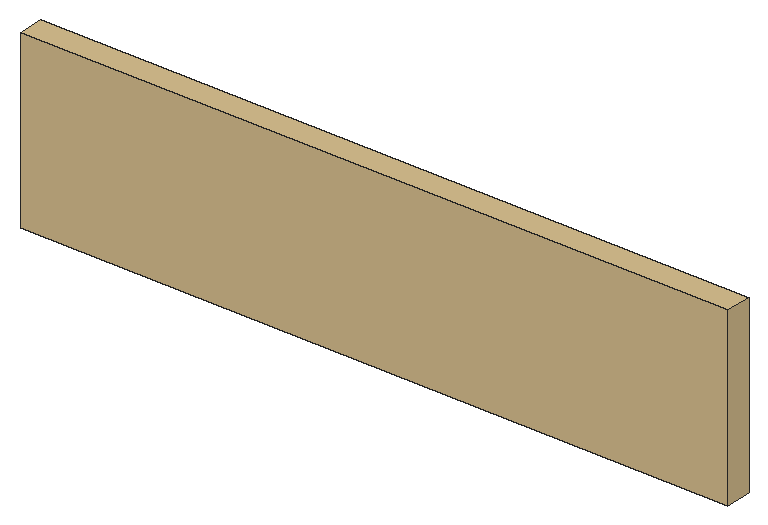
Revit family
Parameters (values of type "(1)1 3/4x11 7/8")
  Start Extension Calculation [instance] = 10' 0" + Start Extension  # 10' - 0"
  Start Extension [instance] = 0' - 0"
  End Extension Calculation [instance] = 10' 0" + End Extension  # 10' - 0"
  End Extension [instance] = 0' - 0"
  Beam Material [instance] = Wood - Dimensional Lumber
  Assembly Code = "B10"
  Length [instance] = 5' - 0"
  b = 0' - 1 3/4"
  d = 0' - 11 7/8"
Types (3): name | b | d
  (no name) | 0' - 1 3/4" | 0' - 11 7/8"
  (1)1 3/4x11 7/8 | 0' - 1 3/4" | 0' - 11 7/8"
  (2)1 3/4x14 | 0' - 3 1/2" | 1' - 2"
Reference planes (in)
  plane 1 "Center (Front/Back)": y = 0
  plane 2: z = 0
  plane 3 "Center (Left/Right)": x = 0.1815
  plane 4 "Member Left": x = -23.8185
  plane 5 "Member Right": x = 24.1815
  plane 6: y = 0.875
  plane 7: y = -0.875
  plane 8: z = 5.9375
  plane 9: z = -5.9375
  plane 10 "Left": x = -29.8185
  plane 11 "Stick Symbol Left": x = -17.8185
  plane 12 "Stick Symbol Right": x = 18.1815
  plane 13 "Right": x = 30.1815
  plane 14: x = -23.8185
  plane 15: x = 24.1815
  plane 16: x = 96.1815
  plane 17: x = -95.8185
Forms (in)
  Sweep 1, solid, material "Wood - Dimensional Lumber" <- "Beam Material", detail levels medium+fine
    path origin (0, 0, 0) x (1, 0, 0) y (0, 1, 0)
      loop
        line (24.1815, 0) -> (-23.8185, 0)
    profile "Rectangular Wood Beam-Profile : Rectangular Wood Beam-Profile" origin (0.1815, 0, 0) x (0, -1, 0) y (0, 0, 1)
      loop
        line (-0.875, -5.9375) -> (0.875, -5.9375) -> (0.875, 5.9375) -> (-0.875, 5.9375) -> (-0.875, -5.9375)
Lines and regions (in)
  symbolic lines, style "Stick Symbols", detail levels coarse
    curve 1: line (0.1815, 0.875, 5.9375) -> (0.1815, -0.875, 5.9375)
    curve 2: line (0.1815, -0.875, -5.9375) -> (0.1815, 0.875, -5.9375)
    curve 3: line (0.1815, -0.875, 5.9375) -> (0.1815, -0.875, -5.9375)
    curve 4: line (0.1815, 0.875, -5.9375) -> (0.1815, 0.875, 5.9375)
Dimensions and locks (in)
  "b": plane 6 to plane 7
  "d": plane 9 to plane 8
  equal spacing: plane 9, plane 2, plane 8
  equal spacing: plane 6, plane 1 "Center (Front/Back)", plane 7
  "Length": plane 10 "Left" to plane 13 "Right"
  locked: plane 4 "Member Left" to plane 16 at 120
  locked: plane 17 to plane 5 "Member Right" at 120
  "Start Extension Calculation": plane 14 to plane 16
  "End Extension Calculation": plane 17 to plane 15
  aligned and locked: Sweep 1 sketch curve to plane 1 "Center (Front/Back)"
  aligned and locked: curve 1 to Sweep 1
  aligned and locked: curve 2 to Sweep 1
  aligned and locked: curve 3 to Sweep 1
  aligned and locked: curve 4 to Sweep 1
  aligned and locked: plane 14 to Sweep 1 sketch curve
  aligned and locked: plane 15 to Sweep 1 sketch curve
